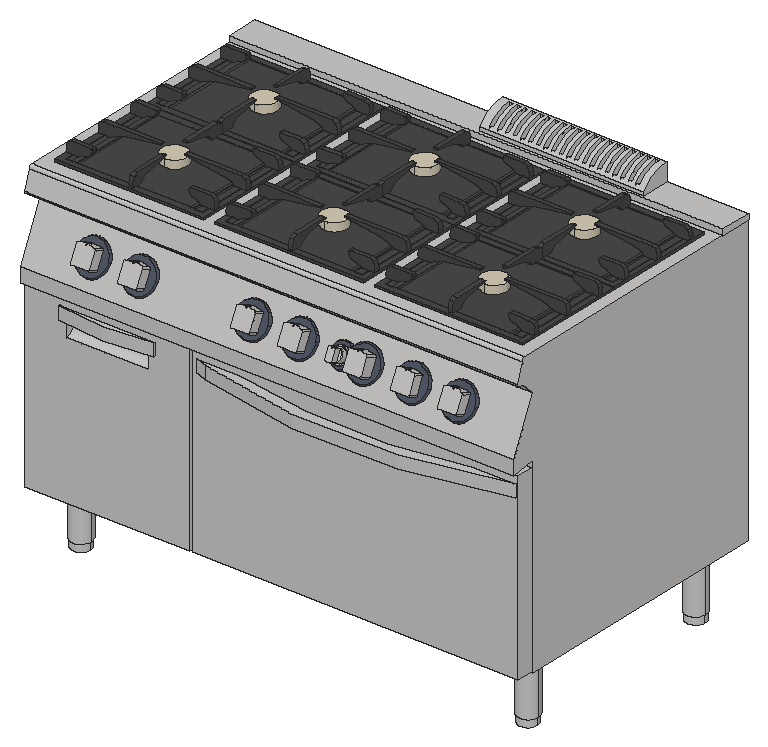
Revit family "QF_ZANUSSI_372006_Z7GCGL6C20", category Specialty Equipment, Revit 2018
Family settings
  Round Connector Dimension = Use Diameter
  Part Type = Normal
  Work Plane-Based = No
  Always vertical = Yes
  Cut with Voids When Loaded = No
  Shared = No
  Room Calculation Point = No
Parameters
  Width = 1200 mm  # constant formula
  Weight in Pounds = 265  # constant formula
  Weight = 0.00 kg
  Watts = 0 W
  Volts = 380 V
  URL Manufacturer = "http://www.zanussiprofessional.com"
  URL Cutsheet = "www.electrolux.com"
  URL = "http://www.zanussiprofessional.com"
  Type Mark [instance] = ""
  Steam Supply Size = 0"
  Steam Supply Minimum Pressure = 0.00 psi
  Steam Supply Maximum Pressure = 0.00 psi
  Steam Pounds per Hour = 0
  Status [instance] = ""
  Specification by User [instance] = ""
  Specification by Manufacturer = ""
  Show Logo [instance] = yes
  Show Clearance [instance] = yes
  Serial Number = ""
  Seismic Rating = ""
  SMACNA No = ""
  Revision Code [instance] = ""
  Refrigeration Suction Line Size = 0"
  Refrigeration Liquid Line Size = 0"
  Refrigerant Compressor Remote = yes
  Phase = 3
  Omniclass Number and Title = ""
  NAFEM Spec ID Number = ""
  Model = "Z7GCGL6C20"
  Mechanical Remarks [instance] = ""
  Mechanical Connection Type [instance] = ""
  Masterspec = ""
  Manufacturer = "Zanussi"
  Length Actual = 1200 mm  # constant formula
  Item Number [instance] = "372006"
  Installed By [instance] = ""
  Identify Quantity as Lot [instance] = yes
  Hot Water Size = 0"
  Height Actual = 850 mm  # constant formula
  Height = 908 mm  # constant formula
  HP = "8 HP"
  Gas Size = 1/2"  # constant formula
  Gas RI Height [instance] = 0 mm
  Gas KW [instance] = 39  # constant formula
  Gas Input [instance] = 1.10632 Btu/h
  Gas Connection Height = 0 mm
  Furnished By [instance] = ""
  Foodservice Equipment Identifier [instance] = yes
  Direct Waste Size = 0"
  Description = "6-BURNER GAS RANGE+EL.OVEN+CUPB.1200MM"
  Depth Actual = 700 mm  # constant formula
  Depth = 715 mm  # constant formula
  Cycle = 60 Hz
  Condensate Return Size = 0"
  Compressed Air Volume = 0 GPM
  Compressed Air Size = 0"
  Compressed Air Pressure = 0.00 psi
  Cold Water Size = 0"
  CSI MasterFormat = ""
  CSI Master Format = ""
  Assembly Code = ""
  Accessory = yes
Reference planes
  plane 1 "BACK": y = 0
  plane 2: z = 0
  plane 3 "LEFT": x = 0
  plane 4 "RIGHT": x = 1200
  plane 5 "FRONT": y = -700
  plane 6 "TOP": z = 908
  plane 7 "Center Y": x = 600
  plane 8 "Center X": y = -350
  plane 9 "Base": z = 150
  plane 10: z = 850
  plane 11: y = -715
  plane 12: y = -1109
  plane 13 "panel": through (-6096, -654.982, 762.214) normal (0, -0.8956, 0.4448)
  plane 14: x = 177.499
Forms (mm)
  Revolve 1, solid, material "QF_Finishes_Stainless Steel"
    sketch origin (1, -90, 0) x (1, 0, 0) y (0, 0, 1)
      loop
        line (55, 0) -> (55, 150) -> (29.6, 150) -> (29.6, 19.05) -> (32.1, 19.05) -> (32.1, 0) -> (55, 0)
      axis (55, 0) -> (55, 150)
    angle from 0 to 360
  Revolve 2, solid, material "QF_Finishes_Stainless Steel"
    sketch origin (1, -599.588, 0) x (1, 0, 0) y (0, 0, 1)
      loop
        line (55, 0) -> (55, 150) -> (29.6, 150) -> (29.6, 19.05) -> (32.1, 19.05) -> (32.1, 0) -> (55, 0)
      axis (55, 0) -> (55, 150)
    angle from 0 to 360
  Revolve 3, solid, material "QF_Finishes_Stainless Steel"
    sketch origin (799, -90, 0) x (-1, 0, 0) y (0, 0, -1)
      loop
        line (-345, 0) -> (-367.9, 0) -> (-367.9, -19.05) -> (-370.4, -19.05) -> (-370.4, -150) -> (-345, -150) -> (-345, 0)
      axis (-345, 0) -> (-345, -150)
    angle from 0 to 360
  Revolve 4, solid, material "QF_Finishes_Stainless Steel"
    sketch origin (799, -599.588, 0) x (-1, 0, 0) y (0, 0, -1)
      loop
        line (-345, 0) -> (-367.9, 0) -> (-367.9, -19.05) -> (-370.4, -19.05) -> (-370.4, -150) -> (-345, -150) -> (-345, 0)
      axis (-345, 0) -> (-345, -150)
    angle from 0 to 360
  Extrusion 5, solid, material "QF_Finishes_Stainless Steel"
    sketch origin (0, 0, 576.213) x (0, 1, 0) y (0, 0, 1)
      loop
        line (0, 273.788) -> (-679.358, 273.788)
        arc (-679.358, 273.788) -> (-684.643, 271.598) -> (-686.833, 266.313) r 7.474
        line (-686.833, 266.313) -> (-699.884, 220.798)
        arc (-699.884, 220.798) -> (-699.396, 218.166) -> (-697, 216.971) r 3
        line (-697, 216.971) -> (-686.802, 216.971) -> (-654.982, 185.152) -> (-715, 64.296) -> (-715, 29.296) -> (-658.645, 37.216)
        arc (-658.645, 37.216) -> (-656.101, 36.462) -> (-655, 34.047) r 3.2
        line (-655, 34.047) -> (-655, -426.212) -> (0, -426.212) -> (0, 273.788)
      loop
        line (-700, 23.788) -> (-700, -421.212) -> (-660, -421.212) -> (-660, 23.788) -> (-700, 23.788)
    from 0 to 1200
  Extrusion 6, solid, material "QF_Finishes_Stainless Steel"
    sketch origin (0, 0, 576.213) x (0, 1, 0) y (0, 0, 1)
      loop
        line (0, 273.787) -> (0, 288.075) -> (-76.2, 288.075) -> (-76.2, 273.787) -> (0, 273.787)
    from 0 to 1200
  Extrusion 7, solid, material "QF_Finishes_Stainless Steel"
    sketch origin (0, 0, 150) x (-1, 0, 0) y (0, -1, 0)
      loop
        circle (-1147.613, 464) r 6.35
    from -8.815 to 7.722
  Extrusion 8, solid, material "QF_Finishes_Door Clearance", visible <- "Show Clearance", detail levels coarse
    sketch origin (0, 0, 0) x (0, 1, 0) y (0, 0, 1)
      loop
        arc (-700, 600) -> (-991.638, 457.589) -> (-1109, 155) r 445
        line (-1109, 155) -> (-700, 155) -> (-700, 600)
    from 0 to 400.5
  Extrusion 9, solid, material "QF_Finishes_Clearance", visible <- "Show Clearance", detail levels coarse
    sketch origin (0, 0, 0) x (1, 0, 0) y (0, 1, 0)
      loop
        line (-150, -715) -> (0, -715) -> (0, 0) -> (1200, 0) -> (1200, -715) -> (1350, -715) -> (1350, 150) -> (-150, 150) -> (-150, -715)
    from 0 to 908.85
  Extrusion 10, void
    sketch origin (-62.611, 0, 865.138) x (-1, 0, 0) y (0, -1, 0)
      loop
        line (-695.005, 6.761) -> (-685.709, 6.761) -> (-685.709, 63.911) -> (-695.005, 63.911) -> (-695.005, 6.761)
      loop
        line (-713.697, 6.761) -> (-704.401, 6.761) -> (-704.401, 63.911) -> (-713.697, 63.911) -> (-713.697, 6.761)
      loop
        line (-732.39, 6.761) -> (-723.094, 6.761) -> (-723.094, 63.911) -> (-732.39, 63.911) -> (-732.39, 6.761)
      loop
        line (-751.082, 6.761) -> (-741.787, 6.761) -> (-741.787, 63.911) -> (-751.082, 63.911) -> (-751.082, 6.761)
      loop
        line (-769.775, 6.761) -> (-760.479, 6.761) -> (-760.479, 63.911) -> (-769.775, 63.911) -> (-769.775, 6.761)
      loop
        line (-788.468, 6.761) -> (-779.172, 6.761) -> (-779.172, 63.911) -> (-788.468, 63.911) -> (-788.468, 6.761)
      loop
        line (-807.16, 6.761) -> (-797.864, 6.761) -> (-797.864, 63.911) -> (-807.16, 63.911) -> (-807.16, 6.761)
      loop
        line (-825.853, 6.761) -> (-816.557, 6.761) -> (-816.557, 63.911) -> (-825.853, 63.911) -> (-825.853, 6.761)
      loop
        line (-844.545, 6.761) -> (-835.25, 6.761) -> (-835.25, 63.911) -> (-844.545, 63.911) -> (-844.545, 6.761)
      loop
        line (-863.238, 6.761) -> (-853.942, 6.761) -> (-853.942, 63.911) -> (-863.238, 63.911) -> (-863.238, 6.761)
      loop
        line (-881.931, 6.761) -> (-872.635, 6.761) -> (-872.635, 63.911) -> (-881.931, 63.911) -> (-881.931, 6.761)
      loop
        line (-900.623, 6.761) -> (-891.328, 6.761) -> (-891.328, 63.911) -> (-900.623, 63.911) -> (-900.623, 6.761)
      loop
        line (-919.316, 6.761) -> (-910.02, 6.761) -> (-910.02, 63.911) -> (-919.316, 63.911) -> (-919.316, 6.761)
      loop
        line (-938.008, 6.761) -> (-928.713, 6.761) -> (-928.713, 63.911) -> (-938.008, 63.911) -> (-938.008, 6.761)
      loop
        line (-956.701, 6.761) -> (-947.405, 6.761) -> (-947.405, 63.911) -> (-956.701, 63.911) -> (-956.701, 6.761)
      loop
        line (-975.394, 6.761) -> (-966.098, 6.761) -> (-966.098, 63.911) -> (-975.394, 63.911) -> (-975.394, 6.761)
      loop
        line (-994.086, 6.761) -> (-984.791, 6.761) -> (-984.791, 63.911) -> (-994.086, 63.911) -> (-994.086, 6.761)
      loop
        line (-1012.779, 6.761) -> (-1003.483, 6.761) -> (-1003.483, 63.911) -> (-1012.779, 63.911) -> (-1012.779, 6.761)
      loop
        line (-1031.472, 6.761) -> (-1022.176, 6.761) -> (-1022.176, 63.911) -> (-1031.472, 63.911) -> (-1031.472, 6.761)
      loop
        line (-1050.164, 6.761) -> (-1040.868, 6.761) -> (-1040.868, 63.911) -> (-1050.164, 63.911) -> (-1050.164, 6.761)
    from 9.525 to 45.348
  Extrusion 11, solid, material "QF_Finishes_Stainless Steel"
    sketch origin (202.4, 0, 590.5) x (0, 1, 0) y (0, 0, 1)
      loop
        line (0, 273.788) -> (0, 317.5)
        arc (0, 317.5) -> (-39.072, 308.879) -> (-69.85, 283.312) r 84.854
        line (-69.85, 283.312) -> (-69.85, 273.788) -> (0, 273.788)
    from 400 to 800
  Blend 12, solid, material "QF_Finishes_Navy Blue"
    base sketch origin (542.5, -684.991, 701.786) x (1, 0, 0) y (0, 0.444781, 0.895639)
      loop
        circle (0, 0) r 42.5
    top sketch origin (542.5, -684.991, 701.786) x (1, 0, 0) y (0, 0.444781, 0.895639)
      loop
        circle (0, 0) r 40.5
    from 0 to 5
  Extrusion 13, solid, material "QF_Finishes_Stainless Steel"
    sketch origin (542.5, -684.991, 701.786) x (1, 0, 0) y (0, 0.444781, 0.895639)
      loop
        arc (-21.147, 22.789) -> (-22.494, 21.685) -> (-23, 20.019) r 2.997
        line (-23, 20.019) -> (-23, -20.019)
        arc (-23, -20.019) -> (-22.122, -22.138) -> (-20.003, -23.016) r 2.997
        line (-20.003, -23.016) -> (20.003, -23.016)
        arc (20.003, -23.016) -> (22.122, -22.138) -> (23, -20.019) r 2.997
        line (23, -20.019) -> (23, 20.019)
        arc (23, 20.019) -> (22.494, 21.685) -> (21.147, 22.789) r 2.997
        arc (21.147, 22.789) -> (0, 26.984) -> (-21.147, 22.789) r 55.4
    from 10 to 34
  Extrusion 14, solid, material "QF_Plastic-Black-Matte"
    sketch origin (600, -684.991, 701.786) x (0, 0.444781, 0.895639) y (0, -0.895639, 0.444781)
      loop
        line (26.984, 34) -> (26.984, 19) -> (27.984, 19) -> (27.984, 34)
        arc (27.984, 34) -> (27.691, 34.707) -> (26.984, 35) r 1
        line (26.984, 35) -> (23.984, 35) -> (23.984, 34) -> (26.984, 34)
    from -58.5 to -56.5
  Extrusion 15, solid, material "QF_Finishes_Stainless Steel"
    sketch origin (542.5, -684.991, 701.786) x (1, 0, 0) y (0, 0.444781, 0.895639)
      loop
        line (17.5, 17.5) -> (-17.5, 17.5) -> (-17.5, -17.5) -> (17.5, -17.5) -> (17.5, 17.5)
    from 5 to 10
  Extrusion 16, solid, material "QF_Plastic-Black-Matte"
    sketch origin (600, -684.991, 701.786) x (0, 0.444781, 0.895639) y (0, 0.895639, -0.444781)
      loop
        line (26.984, -34) -> (23.984, -34) -> (23.984, -35) -> (26.984, -35)
        arc (26.984, -35) -> (27.691, -34.707) -> (27.984, -34) r 1
        line (27.984, -34) -> (27.984, -19) -> (26.984, -19) -> (26.984, -34)
    from -58.5 to -56.5
  Extrusion 17, solid, material "QF_Finishes_Stainless Steel"
    sketch origin (657.5, -684.991, 701.786) x (-1, 0, 0) y (0, -0.444781, -0.895639)
      loop
        line (17.5, -17.5) -> (17.5, 17.5) -> (-17.5, 17.5) -> (-17.5, -17.5) -> (17.5, -17.5)
    from 5 to 10
  Blend 18, solid, material "QF_Finishes_Navy Blue"
    base sketch origin (657.5, -684.991, 701.786) x (1, 0, 0) y (0, 0.444781, 0.895639)
      loop
        circle (0, 0) r 42.5
    top sketch origin (657.5, -684.991, 701.786) x (1, 0, 0) y (0, 0.444781, 0.895639)
      loop
        circle (0, 0) r 40.5
    from 0 to 5
  Extrusion 19, solid, material "QF_Finishes_Stainless Steel"
    sketch origin (657.5, -684.991, 701.786) x (-1, 0, 0) y (0, -0.444781, -0.895639)
      loop
        arc (-21.147, -22.789) -> (0, -26.984) -> (21.147, -22.789) r 55.4
        arc (21.147, -22.789) -> (22.494, -21.685) -> (23, -20.019) r 2.997
        line (23, -20.019) -> (23, 20.019)
        arc (23, 20.019) -> (22.122, 22.138) -> (20.003, 23.016) r 2.997
        line (20.003, 23.016) -> (-20.003, 23.016)
        arc (-20.003, 23.016) -> (-22.122, 22.138) -> (-23, 20.019) r 2.997
        line (-23, 20.019) -> (-23, -20.019)
        arc (-23, -20.019) -> (-22.494, -21.685) -> (-21.147, -22.789) r 2.997
    from 10 to 34
  Blend 20, solid, material "QF_Finishes_Navy Blue"
    base sketch origin (814.75, -684.991, 701.786) x (1, 0, 0) y (0, 0.444781, 0.895639)
      loop
        arc (-35.05, -24.037) -> (42.5, 0) -> (-35.05, 24.037) r 42.5
        arc (-35.05, 24.037) -> (-83, 0) -> (-35.05, -24.037) r 30
    top sketch origin (814.75, -684.991, 701.786) x (1, 0, 0) y (0, 0.444781, 0.895639)
      loop
        arc (-34.578, -21.086) -> (40.5, 0) -> (-34.578, 21.086) r 40.5
        arc (-34.578, 21.086) -> (-81, 0) -> (-34.578, -21.086) r 28
    from 0 to 5
  Extrusion 21, solid, material "QF_Finishes_Stainless Steel"
    sketch origin (582.25, -684.991, 701.786) x (1, 0, 0) y (0, 0.444781, 0.895639)
      loop
        circle (177.499, -0.341) r 20
    from 5 to 10
  Extrusion 22, void
    sketch origin (814.75, -684.991, 701.786) x (1, 0, 0) y (0, -0.895639, 0.444781)
      loop
        line (-62.999, 24.837) -> (-62.999, 40) -> (-71.893, 40) -> (-71.893, 22) -> (-65.835, 22)
        arc (-65.835, 22) -> (-63.827, 22.828) -> (-62.999, 24.837) r 2.827
      loop
        arc (-47.003, 24.837) -> (-46.175, 22.828) -> (-44.167, 22) r 2.827
        line (-44.167, 22) -> (-38.109, 22) -> (-38.109, 40) -> (-47.003, 40) -> (-47.003, 24.837)
    from -20.019 to 20.019
  Extrusion 23, solid, material "QF_Finishes_Stainless Steel"
    sketch origin (582.25, -684.991, 701.786) x (1, 0, 0) y (0, 0.444781, 0.895639)
      loop
        arc (211.353, 22.789) -> (210.006, 21.685) -> (209.5, 20.019) r 2.997
        line (209.5, 20.019) -> (209.5, -20.019)
        arc (209.5, -20.019) -> (210.378, -22.138) -> (212.497, -23.016) r 2.997
        line (212.497, -23.016) -> (252.503, -23.016)
        arc (252.503, -23.016) -> (254.622, -22.138) -> (255.5, -20.019) r 2.997
        line (255.5, -20.019) -> (255.5, 20.019)
        arc (255.5, 20.019) -> (254.994, 21.685) -> (253.647, 22.789) r 2.997
        arc (253.647, 22.789) -> (232.5, 26.984) -> (211.353, 22.789) r 55.4
    from 5 to 34
  Blend 24, solid, material "QF_Finishes_Navy Blue"
    base sketch origin (931.5, -684.991, 701.786) x (1, 0, 0) y (0, 0.444781, 0.895639)
      loop
        circle (0, 0) r 42.5
    top sketch origin (931.5, -684.991, 701.786) x (1, 0, 0) y (0, 0.444781, 0.895639)
      loop
        circle (0, 0) r 40.5
    from 0 to 5
  Extrusion 25, solid, material "QF_Finishes_Stainless Steel"
    sketch origin (931.5, -684.991, 701.786) x (1, 0, 0) y (0, 0.444781, 0.895639)
      loop
        arc (-21.147, 22.789) -> (-22.494, 21.685) -> (-23, 20.019) r 2.997
        line (-23, 20.019) -> (-23, -20.019)
        arc (-23, -20.019) -> (-22.122, -22.138) -> (-20.003, -23.016) r 2.997
        line (-20.003, -23.016) -> (20.003, -23.016)
        arc (20.003, -23.016) -> (22.122, -22.138) -> (23, -20.019) r 2.997
        line (23, -20.019) -> (23, 20.019)
        arc (23, 20.019) -> (22.494, 21.685) -> (21.147, 22.789) r 2.997
        arc (21.147, 22.789) -> (0, 26.984) -> (-21.147, 22.789) r 55.4
    from 10 to 34
  Extrusion 26, solid, material "QF_Plastic-Black-Matte"
    sketch origin (989, -684.991, 701.786) x (0, 0.444781, 0.895639) y (0, -0.895639, 0.444781)
      loop
        line (26.984, 34) -> (26.984, 19) -> (27.984, 19) -> (27.984, 34)
        arc (27.984, 34) -> (27.691, 34.707) -> (26.984, 35) r 1
        line (26.984, 35) -> (23.984, 35) -> (23.984, 34) -> (26.984, 34)
    from -58.5 to -56.5
  Extrusion 27, solid, material "QF_Finishes_Stainless Steel"
    sketch origin (931.5, -684.991, 701.786) x (1, 0, 0) y (0, 0.444781, 0.895639)
      loop
        line (17.5, 17.5) -> (-17.5, 17.5) -> (-17.5, -17.5) -> (17.5, -17.5) -> (17.5, 17.5)
    from 5 to 10
  Extrusion 28, solid, material "QF_Plastic-Black-Matte"
    sketch origin (989, -684.991, 701.786) x (0, 0.444781, 0.895639) y (0, 0.895639, -0.444781)
      loop
        line (26.984, -34) -> (23.984, -34) -> (23.984, -35) -> (26.984, -35)
        arc (26.984, -35) -> (27.691, -34.707) -> (27.984, -34) r 1
        line (27.984, -34) -> (27.984, -19) -> (26.984, -19) -> (26.984, -34)
    from -58.5 to -56.5
  Extrusion 29, solid, material "QF_Finishes_Stainless Steel"
    sketch origin (1046.5, -684.991, 701.786) x (-1, 0, 0) y (0, -0.444781, -0.895639)
      loop
        line (17.5, -17.5) -> (17.5, 17.5) -> (-17.5, 17.5) -> (-17.5, -17.5) -> (17.5, -17.5)
    from 5 to 10
  Blend 30, solid, material "QF_Finishes_Navy Blue"
    base sketch origin (1046.5, -684.991, 701.786) x (1, 0, 0) y (0, 0.444781, 0.895639)
      loop
        circle (0, 0) r 42.5
    top sketch origin (1046.5, -684.991, 701.786) x (1, 0, 0) y (0, 0.444781, 0.895639)
      loop
        circle (0, 0) r 40.5
    from 0 to 5
  Extrusion 31, solid, material "QF_Finishes_Stainless Steel"
    sketch origin (1046.5, -684.991, 701.786) x (-1, 0, 0) y (0, -0.444781, -0.895639)
      loop
        arc (-21.147, -22.789) -> (0, -26.984) -> (21.147, -22.789) r 55.4
        arc (21.147, -22.789) -> (22.494, -21.685) -> (23, -20.019) r 2.997
        line (23, -20.019) -> (23, 20.019)
        arc (23, 20.019) -> (22.122, 22.138) -> (20.003, 23.016) r 2.997
        line (20.003, 23.016) -> (-20.003, 23.016)
        arc (-20.003, 23.016) -> (-22.122, 22.138) -> (-23, 20.019) r 2.997
        line (-23, 20.019) -> (-23, -20.019)
        arc (-23, -20.019) -> (-22.494, -21.685) -> (-21.147, -22.789) r 2.997
    from 10 to 34
  Blend 32, solid, material "QF_Finishes_Navy Blue"
    base sketch origin (153.5, -684.991, 701.786) x (1, 0, 0) y (0, 0.444781, 0.895639)
      loop
        circle (0, 0) r 42.5
    top sketch origin (153.5, -684.991, 701.786) x (1, 0, 0) y (0, 0.444781, 0.895639)
      loop
        circle (0, 0) r 40.5
    from 0 to 5
  Extrusion 33, solid, material "QF_Finishes_Stainless Steel"
    sketch origin (153.5, -684.991, 701.786) x (1, 0, 0) y (0, 0.444781, 0.895639)
      loop
        arc (-21.147, 22.789) -> (-22.494, 21.685) -> (-23, 20.019) r 2.997
        line (-23, 20.019) -> (-23, -20.019)
        arc (-23, -20.019) -> (-22.122, -22.138) -> (-20.003, -23.016) r 2.997
        line (-20.003, -23.016) -> (20.003, -23.016)
        arc (20.003, -23.016) -> (22.122, -22.138) -> (23, -20.019) r 2.997
        line (23, -20.019) -> (23, 20.019)
        arc (23, 20.019) -> (22.494, 21.685) -> (21.147, 22.789) r 2.997
        arc (21.147, 22.789) -> (0, 26.984) -> (-21.147, 22.789) r 55.4
    from 10 to 34
  Extrusion 34, solid, material "QF_Plastic-Black-Matte"
    sketch origin (211, -684.991, 701.786) x (0, 0.444781, 0.895639) y (0, -0.895639, 0.444781)
      loop
        line (26.984, 34) -> (26.984, 19) -> (27.984, 19) -> (27.984, 34)
        arc (27.984, 34) -> (27.691, 34.707) -> (26.984, 35) r 1
        line (26.984, 35) -> (23.984, 35) -> (23.984, 34) -> (26.984, 34)
    from -58.5 to -56.5
  Extrusion 35, solid, material "QF_Finishes_Stainless Steel"
    sketch origin (153.5, -684.991, 701.786) x (1, 0, 0) y (0, 0.444781, 0.895639)
      loop
        line (17.5, 17.5) -> (-17.5, 17.5) -> (-17.5, -17.5) -> (17.5, -17.5) -> (17.5, 17.5)
    from 5 to 10
  Extrusion 36, solid, material "QF_Plastic-Black-Matte"
    sketch origin (211, -684.991, 701.786) x (0, 0.444781, 0.895639) y (0, 0.895639, -0.444781)
      loop
        line (26.984, -34) -> (23.984, -34) -> (23.984, -35) -> (26.984, -35)
        arc (26.984, -35) -> (27.691, -34.707) -> (27.984, -34) r 1
        line (27.984, -34) -> (27.984, -19) -> (26.984, -19) -> (26.984, -34)
    from -58.5 to -56.5
  Extrusion 37, solid, material "QF_Finishes_Stainless Steel"
    sketch origin (268.5, -684.991, 701.786) x (-1, 0, 0) y (0, -0.444781, -0.895639)
      loop
        line (17.5, -17.5) -> (17.5, 17.5) -> (-17.5, 17.5) -> (-17.5, -17.5) -> (17.5, -17.5)
    from 5 to 10
  Blend 38, solid, material "QF_Finishes_Navy Blue"
    base sketch origin (268.5, -684.991, 701.786) x (1, 0, 0) y (0, 0.444781, 0.895639)
      loop
        circle (0, 0) r 42.5
    top sketch origin (268.5, -684.991, 701.786) x (1, 0, 0) y (0, 0.444781, 0.895639)
      loop
        circle (0, 0) r 40.5
    from 0 to 5
  Extrusion 39, solid, material "QF_Finishes_Stainless Steel"
    sketch origin (268.5, -684.991, 701.786) x (-1, 0, 0) y (0, -0.444781, -0.895639)
      loop
        arc (-21.147, -22.789) -> (0, -26.984) -> (21.147, -22.789) r 55.4
        arc (21.147, -22.789) -> (22.494, -21.685) -> (23, -20.019) r 2.997
        line (23, -20.019) -> (23, 20.019)
        arc (23, 20.019) -> (22.122, 22.138) -> (20.003, 23.016) r 2.997
        line (20.003, 23.016) -> (-20.003, 23.016)
        arc (-20.003, 23.016) -> (-22.122, 22.138) -> (-23, 20.019) r 2.997
        line (-23, 20.019) -> (-23, -20.019)
        arc (-23, -20.019) -> (-22.494, -21.685) -> (-21.147, -22.789) r 2.997
    from 10 to 34
  Extrusion 40, solid, material "QF_Finishes_Stainless Steel"
    sketch origin (0, -827.391, 415.041) x (0, 0.444781, 0.895639) y (-1, 0, 0)
      loop
        circle (319.816, -759.749) r 16
    from 10 to 40
  Extrusion 41, solid, material "QF_Finishes_Stainless Steel"
    sketch origin (-7.892, 0, 150) x (-1, 0, 0) y (0, -1, 0)
      loop
        line (-1202.142, 700) -> (-1108.537, 700)
        arc (-1108.537, 700) -> (-812.142, 735) -> (-515.747, 700) r 1272.5
        line (-515.747, 700) -> (-422.142, 700)
        arc (-422.142, 700) -> (-439.359, 705.295) -> (-456.648, 710.35) r 1297.5
        arc (-456.648, 710.35) -> (-830.154, 759.875) -> (-1202.142, 700) r 1297.5
    from 400 to 430
  Extrusion 42, solid, material "QF_Finishes_Stainless Steel"
    sketch origin (0, 0, 150) x (-1, 0, 0) y (0, -1, 0)
      loop
        arc (-85.253, 704) -> (-200.527, 715) -> (-315.8, 704) r 609.497
        line (-315.8, 704) -> (-315.8, 700) -> (-85.253, 700) -> (-85.253, 704)
    from 400 to 430
  Extrusion 43, solid, material "QF_Finishes_Door Clearance", visible <- "Show Clearance", detail levels coarse
    sketch origin (0, 0, 0) x (0, 1, 0) y (0, 0, 1)
      loop
        line (-1109, 150) -> (-700, 150) -> (-700, 601.405)
        arc (-700, 601.405) -> (-991.543, 454.568) -> (-1109, 150) r 453.603
    from 408.5 to 1200
  Extrusion 44, solid, material "QF_Finishes_Stainless Steel"
    sketch origin (0, 0, 150) x (-1, 0, 0) y (0, -1, 0)
      loop
        circle (-1152, 513) r 10
    from 0 to -3
  Extrusion 45, void
    sketch origin (0, 0, 0) x (0, 1, 0) y (0, 0, 1)
      loop
        line (-700, 565.85) -> (-700, 515.05)
        arc (-700, 515.05) -> (-684.405, 523.118) -> (-678.147, 539.523) r 24.63
        line (-678.147, 539.523) -> (-678.147, 565.85) -> (-700, 565.85)
    from 300.8 to 100.253
  Extrusion 46, void
    sketch origin (0, -700, 0) x (1, 0, 0) y (0, 0, 1)
      loop
        line (400.5, 600) -> (400.5, 155) -> (408.5, 155) -> (408.5, 600) -> (400.5, 600)
    from 0 to -40
  Extrusion 47, solid, material "QF_Plastic-Black-Matte"
    sketch origin (872.25, -684.991, 701.786) x (0, 0.444781, 0.895639) y (0, -0.895639, 0.444781)
      loop
        line (26.984, 34) -> (26.984, 19) -> (27.984, 19) -> (27.984, 34)
        arc (27.984, 34) -> (27.691, 34.707) -> (26.984, 35) r 1
        line (26.984, 35) -> (23.984, 35) -> (23.984, 34) -> (26.984, 34)
    from -58.5 to -56.5
  Extrusion 48, solid, material "QF_Plastic-Black-Matte"
    sketch origin (817.249, -695.402, 694.312) x (0, 0.444781, 0.895639) y (0, -0.895639, 0.444781)
      loop
        line (26.984, 34) -> (26.984, 19) -> (27.984, 19) -> (27.984, 34)
        arc (27.984, 34) -> (27.691, 34.707) -> (26.984, 35) r 1
        line (26.984, 35) -> (23.984, 35) -> (23.984, 34) -> (26.984, 34)
    from -58.5 to -56.5
Cuts and joins
  Extrusion 10 cuts Extrusion 6
  Extrusion 10, Extrusion 45 cuts Extrusion 9
  Extrusion 10 cuts Extrusion 11
  Extrusion 22 cuts Extrusion 40
  Extrusion 45, Extrusion 46 cuts Extrusion 5
Lines and regions (mm)
  Split face 1
    outline origin (542.5, -689.469, 704.01) x (1, 0, 0) y (0, 0.444781, 0.895639)
      loop
        circle (-33, 0) r 3
  Split face 2
    outline origin (663.401, -689.469, 704.01) x (1, 0, 0) y (0, 0.444781, 0.895639)
      loop
        line (-8.901, 38.561) -> (-8.901, 28.561) -> (-2.901, 28.561) -> (-2.901, 38.561) -> (-8.901, 38.561)
  Split face 3
    outline origin (663.401, -689.469, 704.01) x (1, 0, 0) y (0, 0.444781, 0.895639)
      loop
        line (-8.401, 38.061) -> (-8.401, 29.061) -> (-3.401, 29.061) -> (-3.401, 38.061) -> (-8.401, 38.061)
  Split face 4
    outline origin (663.401, -689.469, 704.01) x (1, 0, 0) y (0, 0.444781, 0.895639)
      loop
        line (-8.401, 33.561) -> (-3.401, 33.561)
  Split face 5
    outline origin (663.401, -689.469, 704.01) x (1, 0, 0) y (0, 0.444781, 0.895639)
      loop
        line (-8.401, 33.061) -> (-3.401, 33.061)
  Split face 6
    outline origin (548.401, -689.469, 704.01) x (1, 0, 0) y (0, 0.444781, 0.895639)
      loop
        line (-8.901, 38.561) -> (-8.901, 28.561) -> (-2.901, 28.561) -> (-2.901, 38.561) -> (-8.901, 38.561)
  Split face 7
    outline origin (548.401, -689.469, 704.01) x (1, 0, 0) y (0, 0.444781, 0.895639)
      loop
        line (-8.401, 38.061) -> (-8.401, 29.061) -> (-3.401, 29.061) -> (-3.401, 38.061) -> (-8.401, 38.061)
  Split face 8
    outline origin (548.401, -689.469, 704.01) x (1, 0, 0) y (0, 0.444781, 0.895639)
      loop
        line (-8.401, 34.061) -> (-3.401, 34.061)
  Split face 9
    outline origin (548.401, -689.469, 704.01) x (1, 0, 0) y (0, 0.444781, 0.895639)
      loop
        line (-8.401, 33.561) -> (-3.401, 33.561)
  Split face 10
    outline origin (568.157, -675.159, 732.825) x (-1, 0, 0) y (0, -0.444781, -0.895639)
      loop
        circle (43.456, 61.543) r 1.5
  Split face 11
    outline origin (548.401, -689.469, 704.01) x (1, 0, 0) y (0, 0.444781, 0.895639)
      loop
        circle (-5.901, 31.311) r 2.029
  Split face 12
    outline origin (663.401, -689.469, 704.01) x (1, 0, 0) y (0, 0.444781, 0.895639)
      loop
        circle (-5.901, 35.811) r 2.031
  Split face 13
    outline origin (542.5, -689.469, 704.01) x (1, 0, 0) y (0, 0.444781, 0.895639)
      loop
        circle (-24.487, 26.694) r 3.497
  Split face 14
    outline origin (657.5, -689.469, 704.01) x (1, 0, 0) y (0, 0.444781, 0.895639)
      loop
        circle (-24.487, 26.694) r 3.497
  Split face 15
    outline origin (657.5, -689.469, 704.01) x (1, 0, 0) y (0, 0.444781, 0.895639)
      loop
        circle (-33, 0) r 3
  Split face 16
    outline origin (657.5, -689.469, 704.01) x (1, 0, 0) y (0, 0.444781, 0.895639)
      loop
        circle (-17.8, -29.371) r 1.5
  Split face 17
    outline origin (814.75, -689.469, 704.01) x (1, 0, 0) y (0, 0.444781, 0.895639)
      loop
        circle (0, 33) r 1
  Split face 18
    outline origin (814.75, -689.469, 704.01) x (1, 0, 0) y (0, 0.444781, 0.895639)
      loop
        circle (-8.541, 31.876) r 1
  Split face 19
    outline origin (814.75, -689.469, 704.01) x (1, 0, 0) y (0, 0.444781, 0.895639)
      loop
        circle (-16.5, 28.579) r 1
  Split face 20
    outline origin (814.75, -689.469, 704.01) x (1, 0, 0) y (0, 0.444781, 0.895639)
      loop
        circle (-23.335, 23.335) r 1
  Split face 21
    outline origin (814.75, -689.469, 704.01) x (1, 0, 0) y (0, 0.444781, 0.895639)
      loop
        circle (-28.579, 16.5) r 1
  Split face 22
    outline origin (814.75, -689.469, 704.01) x (1, 0, 0) y (0, 0.444781, 0.895639)
      loop
        circle (-31.876, 8.541) r 1
  Split face 23
    outline origin (814.75, -689.469, 704.01) x (1, 0, 0) y (0, 0.444781, 0.895639)
      loop
        circle (-33, 0) r 1
  Split face 24
    outline origin (814.75, -689.469, 704.01) x (-1, 0, 0) y (0, 0.444781, 0.895639)
      loop
        circle (-8.541, 31.876) r 1
  Split face 25
    outline origin (814.75, -689.469, 704.01) x (-1, 0, 0) y (0, 0.444781, 0.895639)
      loop
        circle (-16.5, 28.579) r 1
  Split face 26
    outline origin (814.75, -689.469, 704.01) x (-1, 0, 0) y (0, 0.444781, 0.895639)
      loop
        circle (-23.335, 23.335) r 1
  Split face 27
    outline origin (814.75, -689.469, 704.01) x (-1, 0, 0) y (0, 0.444781, 0.895639)
      loop
        circle (-28.579, 16.5) r 1
  Split face 28
    outline origin (814.75, -689.469, 704.01) x (-1, 0, 0) y (0, 0.444781, 0.895639)
      loop
        circle (-31.876, 8.541) r 1
  Split face 29
    outline origin (814.75, -689.469, 704.01) x (1, 0, 0) y (0, -0.444781, -0.895639)
      loop
        circle (0, 33) r 1
  Split face 30
    outline origin (814.75, -689.469, 704.01) x (1, 0, 0) y (0, -0.444781, -0.895639)
      loop
        circle (-8.541, 31.876) r 1
  Split face 31
    outline origin (814.75, -689.469, 704.01) x (1, 0, 0) y (0, -0.444781, -0.895639)
      loop
        circle (-16.5, 28.579) r 1
  Split face 32
    outline origin (814.75, -689.469, 704.01) x (1, 0, 0) y (0, -0.444781, -0.895639)
      loop
        circle (-23.335, 23.335) r 1
  Split face 33
    outline origin (814.75, -689.469, 704.01) x (1, 0, 0) y (0, -0.444781, -0.895639)
      loop
        circle (-28.579, 16.5) r 1
  Split face 34
    outline origin (814.75, -689.469, 704.01) x (1, 0, 0) y (0, -0.444781, -0.895639)
      loop
        circle (-31.876, 8.541) r 1
  Split face 35
    outline origin (814.75, -689.469, 704.01) x (-1, 0, 0) y (0, -0.444781, -0.895639)
      loop
        circle (-8.541, 31.876) r 1
  Split face 36
    outline origin (814.75, -689.469, 704.01) x (-1, 0, 0) y (0, -0.444781, -0.895639)
      loop
        circle (-16.5, 28.579) r 1
  Split face 37
    outline origin (814.75, -689.469, 704.01) x (-1, 0, 0) y (0, -0.444781, -0.895639)
      loop
        circle (-23.335, 23.335) r 1
  Split face 38
    outline origin (814.75, -689.469, 704.01) x (-1, 0, 0) y (0, -0.444781, -0.895639)
      loop
        circle (-28.579, 16.5) r 1
  Split face 39
    outline origin (814.75, -689.469, 704.01) x (-1, 0, 0) y (0, -0.444781, -0.895639)
      loop
        circle (-31.876, 8.541) r 1
  Split face 40
    outline origin (814.75, -689.469, 704.01) x (1, 0, 0) y (0, 0.444781, 0.895639)
      loop
        circle (33, 0) r 1
  Split face 41
    outline origin (814.75, -689.469, 704.01) x (1, 0, 0) y (0, 0.444781, 0.895639)
      loop
        circle (-55.001, 22) r 1.508
  Split face 42
    outline origin (814.75, -689.469, 704.01) x (1, 0, 0) y (0, 0.444781, 0.895639)
      loop
        circle (-77.001, 0) r 1.343
  Split face 43
    outline origin (814.75, -689.469, 704.01) x (1, 0, 0) y (0, 0.444781, 0.895639)
      loop
        line (-56.273, -20.786) -> (-56.273, -25.164) -> (-53.729, -25.164) -> (-53.729, -20.786) -> (-56.273, -20.786)
  Split face 44
    outline origin (931.5, -689.469, 704.01) x (1, 0, 0) y (0, 0.444781, 0.895639)
      loop
        circle (-33, 0) r 3
  Split face 45
    outline origin (1052.401, -689.469, 704.01) x (1, 0, 0) y (0, 0.444781, 0.895639)
      loop
        line (-8.901, 38.561) -> (-8.901, 28.561) -> (-2.901, 28.561) -> (-2.901, 38.561) -> (-8.901, 38.561)
  Split face 46
    outline origin (1052.401, -689.469, 704.01) x (1, 0, 0) y (0, 0.444781, 0.895639)
      loop
        line (-8.401, 38.061) -> (-8.401, 29.061) -> (-3.401, 29.061) -> (-3.401, 38.061) -> (-8.401, 38.061)
  Split face 47
    outline origin (1052.401, -689.469, 704.01) x (1, 0, 0) y (0, 0.444781, 0.895639)
      loop
        line (-8.401, 33.561) -> (-3.401, 33.561)
  Split face 48
    outline origin (1052.401, -689.469, 704.01) x (1, 0, 0) y (0, 0.444781, 0.895639)
      loop
        line (-8.401, 33.061) -> (-3.401, 33.061)
  Split face 49
    outline origin (937.401, -689.469, 704.01) x (1, 0, 0) y (0, 0.444781, 0.895639)
      loop
        line (-8.901, 38.561) -> (-8.901, 28.561) -> (-2.901, 28.561) -> (-2.901, 38.561) -> (-8.901, 38.561)
  Split face 50
    outline origin (937.401, -689.469, 704.01) x (1, 0, 0) y (0, 0.444781, 0.895639)
      loop
        line (-8.401, 38.061) -> (-8.401, 29.061) -> (-3.401, 29.061) -> (-3.401, 38.061) -> (-8.401, 38.061)
  Split face 51
    outline origin (937.401, -689.469, 704.01) x (1, 0, 0) y (0, 0.444781, 0.895639)
      loop
        line (-8.401, 34.061) -> (-3.401, 34.061)
  Split face 52
    outline origin (937.401, -689.469, 704.01) x (1, 0, 0) y (0, 0.444781, 0.895639)
      loop
        line (-8.401, 33.561) -> (-3.401, 33.561)
  Split face 53
    outline origin (957.157, -675.159, 732.825) x (-1, 0, 0) y (0, -0.444781, -0.895639)
      loop
        circle (43.456, 61.543) r 1.5
  Split face 54
    outline origin (937.401, -689.469, 704.01) x (1, 0, 0) y (0, 0.444781, 0.895639)
      loop
        circle (-5.901, 31.311) r 2.029
  Split face 55
    outline origin (1052.401, -689.469, 704.01) x (1, 0, 0) y (0, 0.444781, 0.895639)
      loop
        circle (-5.901, 35.811) r 2.031
  Split face 56
    outline origin (931.5, -689.469, 704.01) x (1, 0, 0) y (0, 0.444781, 0.895639)
      loop
        circle (-24.487, 26.694) r 3.497
  Split face 57
    outline origin (1046.5, -689.469, 704.01) x (1, 0, 0) y (0, 0.444781, 0.895639)
      loop
        circle (-24.487, 26.694) r 3.497
  Split face 58
    outline origin (1046.5, -689.469, 704.01) x (1, 0, 0) y (0, 0.444781, 0.895639)
      loop
        circle (-33, 0) r 3
  Split face 59
    outline origin (1046.5, -689.469, 704.01) x (1, 0, 0) y (0, 0.444781, 0.895639)
      loop
        circle (-17.8, -29.371) r 1.5
  Split face 60
    outline origin (153.5, -689.469, 704.01) x (1, 0, 0) y (0, 0.444781, 0.895639)
      loop
        circle (-33, 0) r 3
  Split face 61
    outline origin (274.401, -689.469, 704.01) x (1, 0, 0) y (0, 0.444781, 0.895639)
      loop
        line (-8.901, 38.561) -> (-8.901, 28.561) -> (-2.901, 28.561) -> (-2.901, 38.561) -> (-8.901, 38.561)
  Split face 62
    outline origin (274.401, -689.469, 704.01) x (1, 0, 0) y (0, 0.444781, 0.895639)
      loop
        line (-8.401, 38.061) -> (-8.401, 29.061) -> (-3.401, 29.061) -> (-3.401, 38.061) -> (-8.401, 38.061)
  Split face 63
    outline origin (274.401, -689.469, 704.01) x (1, 0, 0) y (0, 0.444781, 0.895639)
      loop
        line (-8.401, 33.561) -> (-3.401, 33.561)
  Split face 64
    outline origin (274.401, -689.469, 704.01) x (1, 0, 0) y (0, 0.444781, 0.895639)
      loop
        line (-8.401, 33.061) -> (-3.401, 33.061)
  Split face 65
    outline origin (159.401, -689.469, 704.01) x (1, 0, 0) y (0, 0.444781, 0.895639)
      loop
        line (-8.901, 38.561) -> (-8.901, 28.561) -> (-2.901, 28.561) -> (-2.901, 38.561) -> (-8.901, 38.561)
  Split face 66
    outline origin (159.401, -689.469, 704.01) x (1, 0, 0) y (0, 0.444781, 0.895639)
      loop
        line (-8.401, 38.061) -> (-8.401, 29.061) -> (-3.401, 29.061) -> (-3.401, 38.061) -> (-8.401, 38.061)
  Split face 67
    outline origin (159.401, -689.469, 704.01) x (1, 0, 0) y (0, 0.444781, 0.895639)
      loop
        line (-8.401, 34.061) -> (-3.401, 34.061)
  Split face 68
    outline origin (159.401, -689.469, 704.01) x (1, 0, 0) y (0, 0.444781, 0.895639)
      loop
        line (-8.401, 33.561) -> (-3.401, 33.561)
  Split face 69
    outline origin (179.157, -675.159, 732.825) x (-1, 0, 0) y (0, -0.444781, -0.895639)
      loop
        circle (43.456, 61.543) r 1.5
  Split face 70
    outline origin (159.401, -689.469, 704.01) x (1, 0, 0) y (0, 0.444781, 0.895639)
      loop
        circle (-5.901, 31.311) r 2.029
  Split face 71
    outline origin (274.401, -689.469, 704.01) x (1, 0, 0) y (0, 0.444781, 0.895639)
      loop
        circle (-5.901, 35.811) r 2.031
  Split face 72
    outline origin (153.5, -689.469, 704.01) x (1, 0, 0) y (0, 0.444781, 0.895639)
      loop
        circle (-24.487, 26.694) r 3.497
  Split face 73
    outline origin (268.5, -689.469, 704.01) x (1, 0, 0) y (0, 0.444781, 0.895639)
      loop
        circle (-24.487, 26.694) r 3.497
  Split face 74
    outline origin (268.5, -689.469, 704.01) x (1, 0, 0) y (0, 0.444781, 0.895639)
      loop
        circle (-33, 0) r 3
  Split face 75
    outline origin (268.5, -689.469, 704.01) x (1, 0, 0) y (0, 0.444781, 0.895639)
      loop
        circle (-17.8, -29.371) r 1.5
  symbolic lines, style "QF-Door Swings"
    curve 1: line (0, -715, 150) -> (0, -1109, 150)
    curve 2: line (0, -1109, 150) -> (1200, -1109, 150)
    curve 3: line (1200, -1109, 150) -> (1200, -715, 150)
    curve 244: line (400.5, -715, 150) -> (400.5, -1109, 150)
    curve 245: line (408.5, -715, 150) -> (408.5, -1109, 150)
  symbolic lines
    curve 4: line (0, 0, 150) -> (0, -715, 150)
    curve 5: line (0, -69.85, 150) -> (1200, -69.85, 150)
    curve 6: line (0, -76.2, 150) -> (1200, -76.2, 150)
    curve 7: line (1200, -715, 150) -> (1200, 0, 150)
    curve 8: line (0, 0, 150) -> (1200, 0, 150)
    curve 12: line (632.394, -6.761, 150) -> (632.394, -63.911, 150)
    curve 13: line (632.394, -63.911, 150) -> (623.098, -63.911, 150)
    curve 14: line (623.098, -63.911, 150) -> (623.098, -6.761, 150)
    curve 15: line (623.098, -6.761, 150) -> (632.394, -6.761, 150)
    curve 16: line (838.012, -6.761, 150) -> (838.012, -63.911, 150)
    curve 17: line (838.012, -63.911, 150) -> (828.717, -63.911, 150)
    curve 18: line (828.717, -63.911, 150) -> (828.717, -6.761, 150)
    curve 19: line (828.717, -6.761, 150) -> (838.012, -6.761, 150)
    curve 20: line (819.32, -6.761, 150) -> (819.32, -63.911, 150)
    curve 21: line (819.32, -63.911, 150) -> (810.024, -63.911, 150)
    curve 22: line (810.024, -63.911, 150) -> (810.024, -6.761, 150)
    curve 23: line (810.024, -6.761, 150) -> (819.32, -6.761, 150)
    curve 24: line (800.627, -6.761, 150) -> (800.627, -63.911, 150)
    curve 25: line (800.627, -63.911, 150) -> (791.331, -63.911, 150)
    curve 26: line (791.331, -63.911, 150) -> (791.331, -6.761, 150)
    curve 27: line (791.331, -6.761, 150) -> (800.627, -6.761, 150)
    curve 28: line (781.934, -6.761, 150) -> (781.934, -63.911, 150)
    curve 29: line (781.934, -63.911, 150) -> (772.639, -63.911, 150)
    curve 30: line (772.639, -63.911, 150) -> (772.639, -6.761, 150)
    curve 31: line (772.639, -6.761, 150) -> (781.934, -6.761, 150)
    curve 32: line (763.242, -6.761, 150) -> (763.242, -63.911, 150)
    curve 33: line (763.242, -63.911, 150) -> (753.946, -63.911, 150)
    curve 34: line (753.946, -63.911, 150) -> (753.946, -6.761, 150)
    curve 35: line (753.946, -6.761, 150) -> (763.242, -6.761, 150)
    curve 36: line (744.549, -6.761, 150) -> (744.549, -63.911, 150)
    curve 37: line (744.549, -63.911, 150) -> (735.253, -63.911, 150)
    curve 38: line (735.253, -63.911, 150) -> (735.253, -6.761, 150)
    curve 39: line (735.253, -6.761, 150) -> (744.549, -6.761, 150)
    curve 40: line (725.857, -6.761, 150) -> (725.857, -63.911, 150)
    curve 41: line (725.857, -63.911, 150) -> (716.561, -63.911, 150)
    curve 42: line (716.561, -63.911, 150) -> (716.561, -6.761, 150)
    curve 43: line (716.561, -6.761, 150) -> (725.857, -6.761, 150)
    curve 44: line (707.164, -6.761, 150) -> (707.164, -63.911, 150)
    curve 45: line (707.164, -63.911, 150) -> (697.868, -63.911, 150)
    curve 46: line (697.868, -63.911, 150) -> (697.868, -6.761, 150)
    curve 47: line (697.868, -6.761, 150) -> (707.164, -6.761, 150)
    curve 48: line (688.471, -6.761, 150) -> (688.471, -63.911, 150)
    curve 49: line (688.471, -63.911, 150) -> (679.176, -63.911, 150)
    curve 50: line (679.176, -63.911, 150) -> (679.176, -6.761, 150)
    curve 51: line (679.176, -6.761, 150) -> (688.471, -6.761, 150)
    curve 52: line (669.779, -6.761, 150) -> (669.779, -63.911, 150)
    curve 53: line (669.779, -63.911, 150) -> (660.483, -63.911, 150)
    curve 54: line (660.483, -63.911, 150) -> (660.483, -6.761, 150)
    curve 55: line (660.483, -6.761, 150) -> (669.779, -6.761, 150)
    curve 56: line (651.086, -6.761, 150) -> (651.086, -63.911, 150)
    curve 57: line (651.086, -63.911, 150) -> (641.79, -63.911, 150)
    curve 58: line (641.79, -63.911, 150) -> (641.79, -6.761, 150)
    curve 59: line (641.79, -6.761, 150) -> (651.086, -6.761, 150)
    curve 60: line (987.553, -6.761, 150) -> (987.553, -63.911, 150)
    curve 61: line (987.553, -63.911, 150) -> (978.257, -63.911, 150)
    curve 62: line (978.257, -63.911, 150) -> (978.257, -6.761, 150)
    curve 63: line (978.257, -6.761, 150) -> (987.553, -6.761, 150)
    curve 64: line (968.861, -6.761, 150) -> (968.861, -63.911, 150)
    curve 65: line (968.861, -63.911, 150) -> (959.565, -63.911, 150)
    curve 66: line (959.565, -63.911, 150) -> (959.565, -6.761, 150)
    curve 67: line (959.565, -6.761, 150) -> (968.861, -6.761, 150)
    curve 68: line (950.168, -6.761, 150) -> (950.168, -63.911, 150)
    curve 69: line (950.168, -63.911, 150) -> (940.872, -63.911, 150)
    curve 70: line (940.872, -63.911, 150) -> (940.872, -6.761, 150)
    curve 71: line (940.872, -6.761, 150) -> (950.168, -6.761, 150)
    curve 72: line (931.475, -6.761, 150) -> (931.475, -63.911, 150)
    curve 73: line (931.475, -63.911, 150) -> (922.18, -63.911, 150)
    curve 74: line (922.18, -63.911, 150) -> (922.18, -6.761, 150)
    curve 75: line (922.18, -6.761, 150) -> (931.475, -6.761, 150)
    curve 76: line (912.783, -6.761, 150) -> (912.783, -63.911, 150)
    curve 77: line (912.783, -63.911, 150) -> (903.487, -63.911, 150)
    curve 78: line (903.487, -63.911, 150) -> (903.487, -6.761, 150)
    curve 79: line (903.487, -6.761, 150) -> (912.783, -6.761, 150)
    curve 80: line (894.09, -6.761, 150) -> (894.09, -63.911, 150)
    curve 81: line (894.09, -63.911, 150) -> (884.794, -63.911, 150)
    curve 82: line (884.794, -63.911, 150) -> (884.794, -6.761, 150)
    curve 83: line (884.794, -6.761, 150) -> (894.09, -6.761, 150)
    curve 84: line (875.397, -6.761, 150) -> (875.397, -63.911, 150)
    curve 85: line (875.397, -63.911, 150) -> (866.102, -63.911, 150)
    curve 86: line (866.102, -63.911, 150) -> (866.102, -6.761, 150)
    curve 87: line (866.102, -6.761, 150) -> (875.397, -6.761, 150)
    curve 88: line (856.705, -6.761, 150) -> (856.705, -63.911, 150)
    curve 89: line (856.705, -63.911, 150) -> (847.409, -63.911, 150)
    curve 90: line (847.409, -63.911, 150) -> (847.409, -6.761, 150)
    curve 91: line (847.409, -6.761, 150) -> (856.705, -6.761, 150)
    curve 92: line (1002.4, -69.85, 150) -> (1002.4, 0, 150)
    curve 93: line (602.4, -69.85, 150) -> (602.4, 0, 150)
    curve 94: line (245.371, -700, 0) -> (245.371, -724.347, 0)
    curve 95: arc (245.371, -724.347, 0) -> (245.517, -724.811, 0) -> (245.903, -725.107, 0) r 0.809
    curve 96: arc (245.903, -725.107, 0) -> (247.091, -725.587, 0) -> (248.369, -725.68, 0) r 4.127
    curve 97: arc (245.371, -704.292, 0) -> (240.33, -702.458, 0) -> (235.562, -700, 0) r 42.24
    curve 98: arc (245.371, -706.539, 0) -> (245.873, -705.818, 0) -> (246.671, -705.448, 0) r 1.682
    curve 99: arc (246.671, -705.448, 0) -> (256.973, -703.95, 0) -> (267.371, -703.441, 0) r 109.079
    curve 100: line (267.371, -700, 0) -> (267.371, -705.671, 0)
    curve 101: line (267.371, -705.671, 0) -> (269.371, -705.671, 0)
    curve 102: line (269.371, -705.671, 0) -> (269.371, -700, 0)
    curve 103: line (291.371, -700, 0) -> (291.371, -724.347, 0)
    curve 104: arc (291.371, -724.347, 0) -> (291.225, -724.811, 0) -> (290.839, -725.107, 0) r 0.809
    curve 105: arc (290.839, -725.107, 0) -> (289.651, -725.587, 0) -> (288.374, -725.68, 0) r 4.127
    curve 106: arc (291.371, -704.292, 0) -> (296.412, -702.458, 0) -> (301.18, -700, 0) r 42.24
    curve 107: arc (291.371, -706.539, 0) -> (290.869, -705.818, 0) -> (290.072, -705.448, 0) r 1.682
    curve 108: arc (290.072, -705.448, 0) -> (279.769, -703.95, 0) -> (269.371, -703.441, 0) r 109.079
    curve 109: line (248.369, -725.68, 0) -> (288.374, -725.68, 0)
    curve 126: line (130.5, -700, 0) -> (130.5, -724.347, 0)
    curve 127: arc (130.5, -724.347, 0) -> (130.646, -724.811, 0) -> (131.032, -725.107, 0) r 0.809
    curve 128: arc (131.032, -725.107, 0) -> (132.22, -725.587, 0) -> (133.497, -725.68, 0) r 4.127
    curve 129: arc (130.5, -704.292, 0) -> (125.459, -702.458, 0) -> (120.691, -700, 0) r 42.24
    curve 130: arc (130.5, -706.539, 0) -> (131.002, -705.818, 0) -> (131.799, -705.448, 0) r 1.682
    curve 131: arc (131.799, -705.448, 0) -> (142.102, -703.95, 0) -> (152.5, -703.441, 0) r 109.079
    curve 132: line (152.5, -700, 0) -> (152.5, -705.671, 0)
    curve 133: line (152.5, -705.671, 0) -> (154.5, -705.671, 0)
    curve 134: line (154.5, -705.671, 0) -> (154.5, -700, 0)
    curve 135: line (176.5, -700, 0) -> (176.5, -724.347, 0)
    curve 136: arc (176.5, -724.347, 0) -> (176.354, -724.811, 0) -> (175.968, -725.107, 0) r 0.809
    curve 137: arc (175.968, -725.107, 0) -> (174.78, -725.587, 0) -> (173.503, -725.68, 0) r 4.127
    curve 138: arc (176.5, -704.292, 0) -> (181.541, -702.458, 0) -> (186.309, -700, 0) r 42.24
    curve 139: arc (176.5, -706.539, 0) -> (175.998, -705.818, 0) -> (175.201, -705.448, 0) r 1.682
    curve 140: arc (175.201, -705.448, 0) -> (164.898, -703.95, 0) -> (154.5, -703.441, 0) r 109.079
    curve 141: line (133.497, -725.68, 0) -> (173.503, -725.68, 0)
    curve 142: line (519.5, -700, 0) -> (519.5, -724.347, 0)
    curve 143: arc (519.5, -724.347, 0) -> (519.646, -724.811, 0) -> (520.032, -725.107, 0) r 0.809
    curve 144: arc (520.032, -725.107, 0) -> (521.22, -725.587, 0) -> (522.497, -725.68, 0) r 4.127
    curve 145: arc (519.5, -704.292, 0) -> (514.459, -702.458, 0) -> (509.691, -700, 0) r 42.24
    curve 146: arc (519.5, -706.539, 0) -> (520.002, -705.818, 0) -> (520.799, -705.448, 0) r 1.682
    curve 147: arc (520.799, -705.448, 0) -> (531.102, -703.95, 0) -> (541.5, -703.441, 0) r 109.079
    curve 148: line (541.5, -700, 0) -> (541.5, -705.671, 0)
    curve 149: line (541.5, -705.671, 0) -> (543.5, -705.671, 0)
    curve 150: line (543.5, -705.671, 0) -> (543.5, -700, 0)
    curve 151: line (565.5, -700, 0) -> (565.5, -724.347, 0)
    curve 152: arc (565.5, -724.347, 0) -> (565.354, -724.811, 0) -> (564.968, -725.107, 0) r 0.809
    curve 153: arc (564.968, -725.107, 0) -> (563.78, -725.587, 0) -> (562.503, -725.68, 0) r 4.127
    curve 154: arc (565.5, -704.292, 0) -> (570.541, -702.458, 0) -> (575.309, -700, 0) r 42.24
    curve 155: arc (565.5, -706.539, 0) -> (564.998, -705.818, 0) -> (564.201, -705.448, 0) r 1.682
    curve 156: arc (564.201, -705.448, 0) -> (553.898, -703.95, 0) -> (543.5, -703.441, 0) r 109.079
    curve 157: line (522.497, -725.68, 0) -> (562.503, -725.68, 0)
    curve 158: line (634.5, -700, 0) -> (634.5, -724.347, 0)
    curve 159: arc (634.5, -724.347, 0) -> (634.646, -724.811, 0) -> (635.032, -725.107, 0) r 0.809
    curve 160: arc (635.032, -725.107, 0) -> (636.22, -725.587, 0) -> (637.497, -725.68, 0) r 4.127
    curve 161: arc (634.5, -704.292, 0) -> (629.459, -702.458, 0) -> (624.691, -700, 0) r 42.24
    curve 162: arc (634.5, -706.539, 0) -> (635.002, -705.818, 0) -> (635.799, -705.448, 0) r 1.682
    curve 163: arc (635.799, -705.448, 0) -> (646.102, -703.95, 0) -> (656.5, -703.441, 0) r 109.079
    curve 164: line (656.5, -700, 0) -> (656.5, -705.671, 0)
    curve 165: line (656.5, -705.671, 0) -> (658.5, -705.671, 0)
    curve 166: line (658.5, -705.671, 0) -> (658.5, -700, 0)
    curve 167: line (680.5, -700, 0) -> (680.5, -724.347, 0)
    curve 168: arc (680.5, -724.347, 0) -> (680.354, -724.811, 0) -> (679.968, -725.107, 0) r 0.809
    curve 169: arc (679.968, -725.107, 0) -> (678.78, -725.587, 0) -> (677.503, -725.68, 0) r 4.127
    curve 170: arc (680.5, -704.292, 0) -> (685.541, -702.458, 0) -> (690.309, -700, 0) r 42.24
    curve 171: arc (680.5, -706.539, 0) -> (679.998, -705.818, 0) -> (679.201, -705.448, 0) r 1.682
    curve 172: arc (679.201, -705.448, 0) -> (668.898, -703.95, 0) -> (658.5, -703.441, 0) r 109.079
    curve 173: line (637.497, -725.68, 0) -> (677.503, -725.68, 0)
    curve 174: line (908.5, -700, 0) -> (908.5, -724.347, 0)
    curve 175: arc (908.5, -724.347, 0) -> (908.646, -724.811, 0) -> (909.032, -725.107, 0) r 0.809
    curve 176: arc (909.032, -725.107, 0) -> (910.22, -725.587, 0) -> (911.497, -725.68, 0) r 4.127
    curve 177: arc (908.5, -704.292, 0) -> (903.459, -702.458, 0) -> (898.691, -700, 0) r 42.24
    curve 178: arc (908.5, -706.539, 0) -> (909.002, -705.818, 0) -> (909.799, -705.448, 0) r 1.682
    curve 179: arc (909.799, -705.448, 0) -> (920.102, -703.95, 0) -> (930.5, -703.441, 0) r 109.079
    curve 180: line (930.5, -700, 0) -> (930.5, -705.671, 0)
    curve 181: line (930.5, -705.671, 0) -> (932.5, -705.671, 0)
    curve 182: line (932.5, -705.671, 0) -> (932.5, -700, 0)
    curve 183: line (954.5, -700, 0) -> (954.5, -724.347, 0)
    curve 184: arc (954.5, -724.347, 0) -> (954.354, -724.811, 0) -> (953.968, -725.107, 0) r 0.809
    curve 185: arc (953.968, -725.107, 0) -> (952.78, -725.587, 0) -> (951.503, -725.68, 0) r 4.127
    curve 186: arc (954.5, -704.292, 0) -> (959.541, -702.458, 0) -> (964.309, -700, 0) r 42.24
    curve 187: arc (954.5, -706.539, 0) -> (953.998, -705.818, 0) -> (953.201, -705.448, 0) r 1.682
    curve 188: arc (953.201, -705.448, 0) -> (942.898, -703.95, 0) -> (932.5, -703.441, 0) r 109.079
    curve 189: line (911.497, -725.68, 0) -> (951.503, -725.68, 0)
    curve 190: line (1023.5, -700, 0) -> (1023.5, -724.347, 0)
    curve 191: arc (1023.5, -724.347, 0) -> (1023.646, -724.811, 0) -> (1024.032, -725.107, 0) r 0.809
    curve 192: arc (1024.032, -725.107, 0) -> (1025.22, -725.587, 0) -> (1026.497, -725.68, 0) r 4.127
    curve 193: arc (1023.5, -704.292, 0) -> (1018.459, -702.458, 0) -> (1013.691, -700, 0) r 42.24
    curve 194: arc (1023.5, -706.539, 0) -> (1024.002, -705.818, 0) -> (1024.799, -705.448, 0) r 1.682
    curve 195: arc (1024.799, -705.448, 0) -> (1035.102, -703.95, 0) -> (1045.5, -703.441, 0) r 109.079
    curve 196: line (1045.5, -700, 0) -> (1045.5, -705.671, 0)
    curve 197: line (1045.5, -705.671, 0) -> (1047.5, -705.671, 0)
    curve 198: line (1047.5, -705.671, 0) -> (1047.5, -700, 0)
    curve 199: line (1069.5, -700, 0) -> (1069.5, -724.347, 0)
    curve 200: arc (1069.5, -724.347, 0) -> (1069.354, -724.811, 0) -> (1068.968, -725.107, 0) r 0.809
    curve 201: arc (1068.968, -725.107, 0) -> (1067.78, -725.587, 0) -> (1066.503, -725.68, 0) r 4.127
    curve 202: arc (1069.5, -704.292, 0) -> (1074.541, -702.458, 0) -> (1079.309, -700, 0) r 42.24
    curve 203: arc (1069.5, -706.539, 0) -> (1068.998, -705.818, 0) -> (1068.201, -705.448, 0) r 1.682
    curve 204: arc (1068.201, -705.448, 0) -> (1057.898, -703.95, 0) -> (1047.5, -703.441, 0) r 109.079
    curve 205: line (1026.497, -725.68, 0) -> (1066.503, -725.68, 0)
    curve 206: line (837.75, -700, 0) -> (837.75, -724.347, 0)
    curve 207: arc (837.75, -724.347, 0) -> (837.604, -724.811, 0) -> (837.218, -725.107, 0) r 0.809
    curve 208: arc (837.218, -725.107, 0) -> (836.03, -725.587, 0) -> (834.753, -725.68, 0) r 4.127
    curve 209: arc (837.75, -704.292, 0) -> (842.791, -702.458, 0) -> (847.559, -700, 0) r 42.24
    curve 210: arc (837.75, -706.539, 0) -> (837.248, -705.818, 0) -> (836.451, -705.448, 0) r 1.682
    curve 211: arc (836.451, -705.448, 0) -> (826.148, -703.95, 0) -> (815.75, -703.441, 0) r 109.079
    curve 212: line (815.75, -700, 0) -> (815.75, -705.671, 0)
    curve 213: line (815.75, -705.671, 0) -> (813.75, -705.671, 0)
    curve 214: line (813.75, -705.671, 0) -> (813.75, -700, 0)
    curve 215: line (791.75, -700, 0) -> (791.75, -724.347, 0)
    curve 216: arc (791.75, -724.347, 0) -> (791.896, -724.811, 0) -> (792.282, -725.107, 0) r 0.809
    curve 217: arc (792.282, -725.107, 0) -> (793.47, -725.587, 0) -> (794.747, -725.68, 0) r 4.127
    curve 218: arc (791.75, -704.292, 0) -> (786.709, -702.458, 0) -> (781.941, -700, 0) r 42.24
    curve 219: arc (791.75, -706.539, 0) -> (792.252, -705.818, 0) -> (793.049, -705.448, 0) r 1.682
    curve 220: arc (793.049, -705.448, 0) -> (803.352, -703.95, 0) -> (813.75, -703.441, 0) r 109.079
    curve 221: line (834.753, -725.68, 0) -> (794.747, -725.68, 0)
    curve 222: line (767.747, -715, 0) -> (791.75, -715, 0)
    curve 223: line (751.751, -726.999, 908.9) -> (751.751, -701.224, 908.9)
    curve 224: line (767.747, -701.224, 908.9) -> (767.747, -726.999, 908.9)
    curve 225: spline (749.115, -710.164, 908.9) -> (747.626, -709.491, 908.9) -> (746.351, -708.737, 908.9) -> (745.311, -707.914, 908.9) -> (744.525, -707.037, 908.9) -> (744.008, -706.121, 908.9) -> (743.767, -705.183, 908.9) -> (743.807, -704.239, 908.9) -> (744.128, -703.306, 908.9) -> (744.724, -702.4, 908.9) -> (745.584, -701.537, 908.9) -> (746.694, -700.732, 908.9) -> (748.033, -700, 908.9)
    curve 226: spline (771.464, -700, 908.9) -> (772.807, -700.735, 908.9) -> (773.92, -701.543, 908.9) -> (774.782, -702.41, 908.9) -> (775.377, -703.319, 908.9) -> (775.696, -704.256, 908.9) -> (775.732, -705.204, 908.9) -> (775.484, -706.145, 908.9) -> (774.959, -707.063, 908.9) -> (774.163, -707.942, 908.9) -> (773.113, -708.766, 908.9) -> (771.825, -709.521, 908.9) -> (770.324, -710.193, 908.9)
    curve 227: spline (770.324, -710.193, 908.9) -> (770.044, -710.322, 908.9) -> (769.763, -710.487, 908.9) -> (769.485, -710.686, 908.9) -> (769.215, -710.917, 908.9) -> (768.956, -711.177, 908.9) -> (768.713, -711.461, 908.9) -> (768.488, -711.765, 908.9) -> (768.285, -712.085, 908.9) -> (768.107, -712.416, 908.9) -> (767.957, -712.754, 908.9) -> (767.836, -713.094, 908.9) -> (767.747, -713.43, 908.9)
    curve 228: spline (751.751, -713.341, 908.9) -> (751.679, -712.987, 908.9) -> (751.571, -712.634, 908.9) -> (751.43, -712.286, 908.9) -> (751.257, -711.949, 908.9) -> (751.056, -711.628, 908.9) -> (750.827, -711.327, 908.9) -> (750.577, -711.051, 908.9) -> (750.306, -710.803, 908.9) -> (750.021, -710.588, 908.9) -> (749.724, -710.408, 908.9) -> (749.421, -710.266, 908.9) -> (749.115, -710.164, 908.9)
    curve 229: line (743.749, -704.847, 908.9) -> (743.749, -700, 908.9)
    curve 230: line (775.751, -704.85, 908.9) -> (775.751, -700, 908.9)
